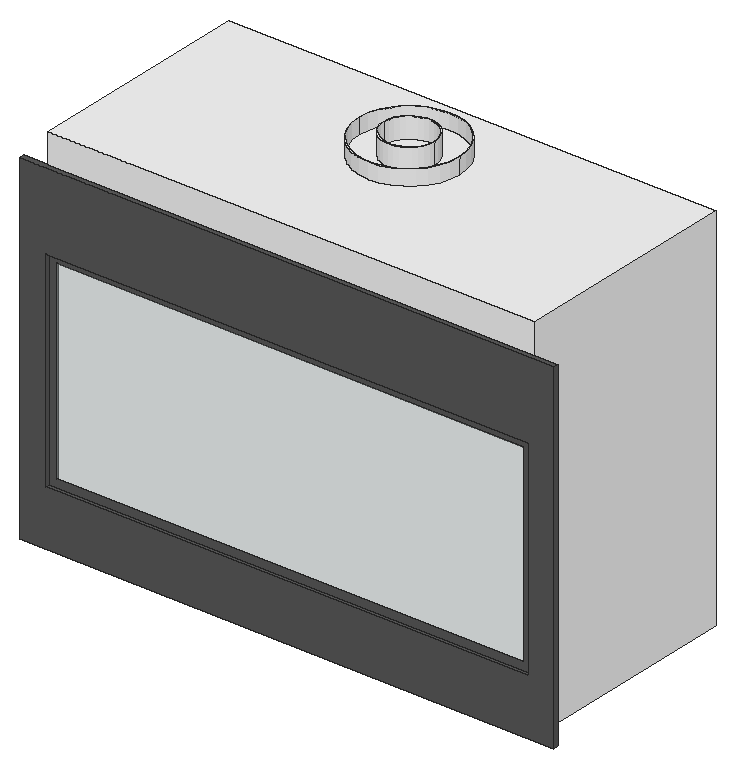
Revit family "P52DF", category Generic Models, Revit 2019
Family settings
  Can host rebar = No
  Round Connector Dimension = Use Diameter
  Part Type = Normal
  Work Plane-Based = No
  Always vertical = Yes
  Cut with Voids When Loaded = No
  Shared = No
  Room Calculation Point = No
Parameters
  Width = 12 5/16"
  URL = "https://www.montigo.com/"
  Model = ""
  Manufacturer Fax = ""
  Manufacturer Website = "https://www.montigo.com/"
  Manufacturer Phone - Toll Free = "800-378-3115"
  Manufacturer Phone = ""
  Manufacturer Address = "27342 Gloucester Way  Langley, BC, Canada   V4W 4A1"
  Manufacturer = "Montigo"
  Length = 53 7/16"
  Keynote = ""
  Glazing Tint = Glass - Montigo - Tint as Specified
  Frame Material = Metal - Montigo - Black
  Firebox Material = Metal - Montigo - White
  Fire Place Length = 50 5/16"
  Fire Place Height = 24 1/2"
  Fire Place - Opening = 16 9/16"
  Description = "Montigo Fireplace as Specified"
  Base Height = 6 9/16"
Reference planes (in)
  plane 1 "Center (Front/Back)": y = 0
  plane 2: z = 0
  plane 3 "Center (Left/Right)": x = 0
Forms (in)
  Extrusion 1, solid, material "Metal - Montigo - Black" <- "Frame Material"
    sketch origin (42.25, -6.4375, 0) x (-1, 0, 0) y (0, 0, -1)
      loop
        line (68.25, 0) -> (16.25, 0) -> (16.25, -33.25) -> (68.25, -33.25) -> (68.25, 0)
      loop
        line (18.75, -25.75) -> (65.75, -25.75) -> (65.75, -5.41667) -> (18.75, -5.41667) -> (18.75, -25.75)
    from -6.4375 to -5.9375
  Extrusion 2, solid, material "Glass - Montigo - Tint as Specified" <- "Glazing Tint"
    sketch origin (42.25, -6.4375, 0) x (-1, 0, 0) y (0, 0, -1)
      loop
        line (19.5, -25) -> (65, -25) -> (65, -6.16667) -> (19.5, -6.16667) -> (19.5, -25)
    from -6.4375 to -6.375
  Extrusion 3, solid, material "Metal - Montigo - Black" <- "Frame Material"
    sketch origin (42.25, -6.4375, 0) x (-1, 0, 0) y (0, 0, -1)
      loop
        line (18.75, -25.75) -> (65.75, -25.75) -> (65.75, -5.41667) -> (18.75, -5.41667) -> (18.75, -25.75)
      loop
        line (65, -25) -> (65, -6.16667) -> (19.5, -6.16667) -> (19.5, -25) -> (65, -25)
    from -6.4375 to -6.375
  Extrusion 4, solid, material "Metal - Montigo - White" <- "Firebox Material"
    sketch origin (0, 0, 0) x (1, 0, 0) y (0, 1, 0)
      loop
        line (-23.69106, 0) -> (23.68394, 0) -> (23.68394, 22.076) -> (-23.69106, 22.076) -> (-23.69106, 0)
    from 0 to 36.125
Dimensions and locks (in)
  Extrusion 1 to Extrusion 1 = 52"
  Extrusion 1 to level = 33 1/4"
  level to nested 4 = 26 1/4"
  Extrusion 4 to level = 36 1/8"
  aligned and locked: level to plane 2
  aligned and locked: nested 2 to nested 1
  aligned and locked: nested 2 to plane 3 "Center (Left/Right)"
  aligned and locked: nested 1 to plane 3 "Center (Left/Right)"
  aligned and locked: nested 4 to plane 3 "Center (Left/Right)"
  aligned and locked: nested 3 to plane 3 "Center (Left/Right)"
Nested families (in)
  nested 1: "Duct Dia" at (0, 14.375, 36.125) x (-1, 0, 0) z (0, 0, 1), type "5""
    with Intake Duct Dia 5", Intake Diameter 4 7/8", Height 2"
  nested 2: "Duct Dia" at (0, 14.375, 36.125) x (-1, 0, 0) z (0, 0, 1), type "9 7/8""
    with Intake Duct Dia 9 7/8", Intake Diameter 9 3/4", Height 1 1/2"
  nested 3: "Duct Dia" at (0, 22.076, 26.25) x (-1, 0, 0) z (0, 1, 0), type "5""
    with Intake Duct Dia 5", Intake Diameter 4 7/8", Height 2"
  nested 4: "Duct Dia" at (0, 22.076, 26.25) x (-1, 0, 0) z (0, 1, 0), type "9 7/8""
    with Intake Duct Dia 9 7/8", Intake Diameter 9 3/4", Height 1 1/2"
Connectors (in)
  hvac at (0, 14.375, 38.125)
    settings: on nested 1, index 4, duct flow 0.0 L/s, flow factor 0, pres drop 0.0 Pa, loss coef 0, conn angle 0.00°, conn width 304.8 mm, conn height 304.8 mm, conn diameter 127 mm, duct sys type 3, conn prof type 0, flow config 0, flow direction 0, loss method 0, conn ref index -1, conn util no, is conn primary yes, conn desc ""
  hvac at (0, 14.375, 37.625)
    settings: on nested 2, index 5, duct flow 0.0 L/s, flow factor 0, pres drop 0.0 Pa, loss coef 0, conn angle 0.00°, conn width 304.8 mm, conn height 304.8 mm, conn diameter 250.825 mm, duct sys type 3, conn prof type 0, flow config 0, flow direction 0, loss method 0, conn ref index -1, conn util no, is conn primary no, conn desc ""
  hvac at (0, 24.076, 26.25)
    settings: on nested 3, index 6, duct flow 0.0 L/s, flow factor 0, pres drop 0.0 Pa, loss coef 0, conn angle 0.00°, conn width 304.8 mm, conn height 304.8 mm, conn diameter 127 mm, duct sys type 3, conn prof type 0, flow config 0, flow direction 0, loss method 0, conn ref index -1, conn util no, is conn primary no, conn desc ""
  hvac at (0, 23.576, 26.25)
    settings: on nested 4, index 7, duct flow 0.0 L/s, flow factor 0, pres drop 0.0 Pa, loss coef 0, conn angle 0.00°, conn width 304.8 mm, conn height 304.8 mm, conn diameter 250.825 mm, duct sys type 3, conn prof type 0, flow config 0, flow direction 0, loss method 0, conn ref index -1, conn util no, is conn primary no, conn desc ""
Definition of nested family "Duct Dia"
  Parameters (values of type "15 7/8" Dia.")
    Intake Duct Dia = 15 7/8"
    Intake Diameter = Intake Duct Dia - 1/8"  # 15 3/4"
    Height = 4"
    Firebox Material = none
    Default Elevation = 48"
  Types (12): name | Intake Duct Dia | Intake Diameter | Height
    9 7/8" Dia. | 9 7/8" | 9 3/4" | 4"
    7 7/8" Dia | 7 7/8" | 7 3/4" | 4"
    8 1/8" Dia | 8 1/8" | 8" | 1/4"
    11 3/4" Dia | 11 3/4" | 11 5/8" | 4"
    4" Dia | 10" | 9 7/8" | 4"
    7 3/4" Dia | 7 3/4" | 7 5/8" | 4"
    6 7/8" Dia | 6 7/8" | 6 3/4" | 1/4"
    9 3/4" Dia. | 9 3/4" | 9 5/8" | 4"
    7 1/8" Dia | 7 1/8" | 7" | 1/4"
    11 7/8" Dia. | 11 7/8" | 11 3/4" | 4"
    13 7/8" Dia. | 13 7/8" | 13 3/4" | 4"
    15 7/8" Dia. | 15 7/8" | 15 3/4" | 4"
  Reference planes (in)
    plane 1 "Center (Front/Back)": y = 0
    plane 2: z = 0
    plane 3 "Center (Left/Right)": x = 0
    plane 4: z = 4
  Forms (in)
    Extrusion 1, solid
      sketch origin (0, 0, 0) x (1, 0, 0) y (0, 1, 0)
        loop
          line (-48, 48) -> (-48, -48) -> (48, -48) -> (48, 48) -> (-48, 48)
      from 0 to -12
    Extrusion 2, solid, material <- "Firebox Material"
      sketch origin (0, 0, 0) x (1, 0, 0) y (0, 1, 0)
        loop
          circle (0, 0) r 7.9375
        loop
          circle (0, 0) r 7.875
      from 0 to 4
  Dimensions and locks (in)
    "Height": plane 4 to level
    "Intake Duct Dia": diameter of Extrusion 2 sketch curve
    "Intake Diameter": diameter of Extrusion 2 sketch curve
    aligned and locked: plane 2 to Extrusion 1
    aligned and locked: level to Extrusion 1
    aligned and locked: plane 4 to Extrusion 2
  Automatic sketch dimensions
    Extrusion 1 sketch curve to Extrusion 1 sketch curve = 96"  (x2)
    Extrusion 2 sketch curve to Extrusion 2 sketch curve = 0"  (x2)
    plane 1 "Center (Front/Back)" to Extrusion 2 sketch curve = 0"
    Extrusion 2 sketch curve to plane 3 "Center (Left/Right)" = 0"
